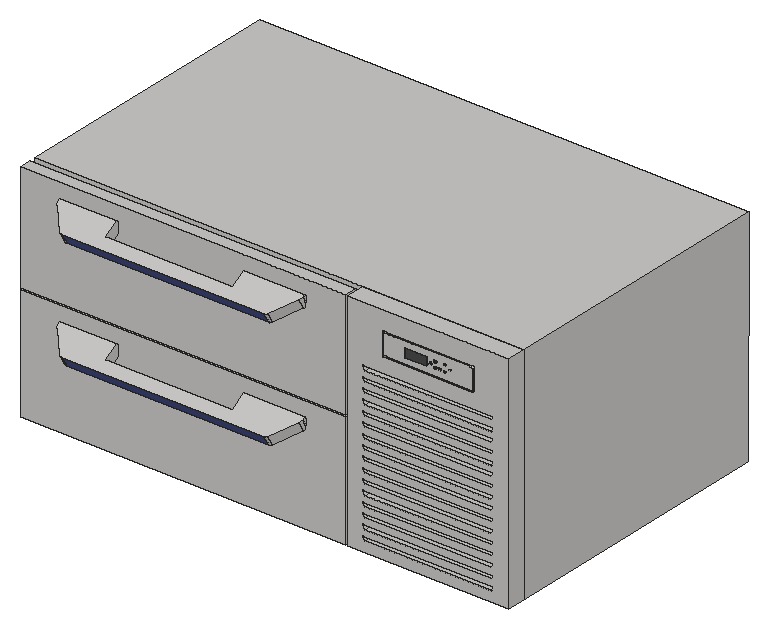
Revit family "QF_ELECTROLUXPROFESSIONAL_588484_MA6IDAKOBO", category Attrezzature speciali, Revit 2020
Family settings
  Quota connettore circolare = Usa diametro
  Tipo di parte = Normale
  Basato su piano di lavoro = No
  Sempre verticale = Sì
  Taglio con vuoti quando caricato = No
  Condiviso = No
  Punto di calcolo locali = No
Parameters (values of type "Standard")
  Weight = 145.00 kg
  Watts = 550 W
  Volts = 220 V
  URL Manufacturer = "https://www.electroluxprofessional.com/"
  URL = "https://www.electroluxprofessional.com/"
  Steam Supply Size = 0"
  Steam Supply Minimum Pressure = 0.00 psi
  Steam Supply Maximum Pressure = 0.00 psi
  Steam Consumption per Hour = 0
  Refrigeration Suction Line Size = 0 mm
  Refrigeration Liquid Line Size = 0 mm
  Refrigerant Compressor Remote = yes
  Prospetto di default = 0 mm
  Phase = 1
  Modello = "MA6IDAKOBO"
  Produttore = "Electrolux Professional"
  Length Actual = 1200 mm  # constant formula
  Item Number = "588484"
  Hot Water Size = 0"
  Height Actual = 550 mm  # constant formula
  HP = "0.7 HP"
  Gas Size = 0"
  Gas KW = 0
  Gas Input Pressure = 0.0 Btu/h
  Direct Waste Size = 0"
  Descrizione = "REF-FREEZER BASE,2DRAWERS,GN2/1,1S,1200X800X550H - R290"
  Depth Actual = 800 mm  # constant formula
  Cycle = 50 Hz
  Condensate Return Size = 0"
  Compressed Air Volume = 0 GPM
  Compressed Air Size = 0"
  Compressed Air Pressure = 0.00 psi
  Cold Water Size = 0"
  Accessory = yes
Reference planes
  plane 1 "BACK": y = 0
  plane 2: z = 0
  plane 3 "LEFT": x = -100
  plane 4 "RIGHT": x = 1100
  plane 5 "FRONT": y = -800
  plane 6 "TOP": z = 900
  plane 7 "Center (Left/Right)": x = 500
  plane 8: y = -400
  plane 9: z = 100
  plane 10: y = -150
  plane 11 "Panel": y = -735
  plane 12: z = 798
  plane 13: x = -22
  plane 14: x = 1022
  plane 15: y = -150
  plane 16: y = -650
  plane 17 "EIx": x = 970
  plane 18 "EIy": y = -85
  plane 19: z = 650
  plane 20 "GasX": x = 870
  plane 21 "EI2x": x = 800
  plane 22: y = -45
  plane 23: y = -780
Forms (mm)
  Extrusion 1, solid, material "QF_Finishes_Stainless Steel"
    sketch origin (-488.969, -4662, 100) x (-1, 0, 0) y (0, -1, 0)
      loop
        circle (-1458.969, -4577) r 6.35
    from 0 to -11.851
  Extrusion 2, solid, material "QF_Finishes_Stainless Steel"
    sketch origin (-178.969, -4572, 100) x (-1, 0, 0) y (0, -1, 0)
      loop
        line (-78.969, -4527) -> (-78.969, -3837) -> (-1278.969, -3837) -> (-1278.969, -4527) -> (-78.969, -4527)
    from 550 to 0
  Extrusion 3, solid, material "QF_Finishes_Stainless Steel"
    sketch origin (-658.969, -4662, 100) x (-1, 0, 0) y (0, -1, 0)
      loop
        circle (-1458.969, -4577) r 6.35
    from 0 to -11.851
  Extrusion 4, solid, material "QF_Finishes_Stainless Steel"
    sketch origin (-588.969, -4662, 100) x (-1, 0, 0) y (0, -1, 0)
      loop
        circle (-1458.969, -4577) r 6.35
    from 0 to -11.851
Lines and regions (mm)
  symbolic lines, style "SpecialityEquipmentHiddenLines"
    curve 1: line (-100, -45, 100) -> (1100, -45, 100)
  symbolic lines
    curve 2: line (-100, -800, 100) -> (-100, -45, 100)
    curve 3: line (1100, -800, 100) -> (-100, -800, 100)
    curve 4: line (1100, -45, 100) -> (1100, -800, 100)
Dimensions and locks
  plane 3 "LEFT" to plane 4 "RIGHT" = 1200 mm
  locked: plane 5 "FRONT" to plane 1 "BACK" at 800
  equal spacing: plane 3 "LEFT", plane 7 "Center (Left/Right)", plane 4 "RIGHT"
  equal spacing: plane 5 "FRONT", plane 8, plane 1 "BACK"
  plane 6 "TOP" to level = 900 mm  (x2)
  plane 9 to level = 100 mm
  plane 1 "BACK" to plane 10 to plane 11 "Panel" = 150 mm, 585 mm  (x2)
  plane 6 "TOP" to plane 9 to level = 800 mm, 100 mm
  plane 1 "BACK" to Extrusion 1 = 85 mm
  plane 13 to plane 3 "LEFT" = 78 mm
  plane 14 to plane 4 "RIGHT" = 78 mm
  locked: plane 1 "BACK" to plane 15 at 150
  locked: plane 15 to plane 16 at 500
  plane 11 "Panel" to plane 5 "FRONT" = 65 mm
  locked: plane 18 "EIy" to plane 1 "BACK" at 85
  plane 19 to plane 9 = 550 mm
  locked: plane 20 "GasX" to plane 4 "RIGHT" at 230
  locked: plane 17 "EIx" to plane 4 "RIGHT" at 130
  locked: plane 21 "EI2x" to plane 4 "RIGHT" at 300
  plane 1 "BACK" to plane 5 "FRONT" = 800 mm
  locked: plane 1 "BACK" to plane 22 at 45
  plane 5 "FRONT" to plane 23 = 20 mm
  plane 11 "Panel" to plane 23 = 45 mm
  aligned and locked: level to plane 2
  aligned and locked: nested 1 to plane 4 "RIGHT"
  aligned and locked: plane 3 "LEFT" to nested 2
  aligned and locked: plane 19 to nested 1
  aligned and locked: plane 22 to Extrusion 2
  aligned and locked: plane 11 "Panel" to nested 1
  aligned and locked: Extrusion 2 to plane 11 "Panel"  (x2)
  aligned and locked: plane 11 "Panel" to nested 2
Automatic sketch dimensions
  plane 1 "BACK" to curve 1 = 45 mm
  curve 1 to plane 4 "RIGHT" = 0 mm
  curve 3 to plane 3 "LEFT" = 0 mm
  plane 5 "FRONT" to curve 3 = 0 mm
  Extrusion 1 sketch curve to plane 17 "EIx" = 0 mm
  Extrusion 1 sketch curve to plane 18 "EIy" = 0 mm
  Extrusion 2 sketch curve to plane 4 "RIGHT" = 0 mm
  Extrusion 2 sketch curve to plane 3 "LEFT" = 0 mm
  Extrusion 2 sketch curve to plane 11 "Panel" = 0 mm
  plane 18 "EIy" to Extrusion 2 sketch curve = 40 mm
  Extrusion 3 sketch curve to plane 18 "EIy" = 0 mm
  Extrusion 3 sketch curve to plane 21 "EI2x" = 0 mm
  Extrusion 4 sketch curve to plane 18 "EIy" = 0 mm
  Extrusion 4 sketch curve to plane 20 "GasX" = 0 mm
  radius of Extrusion 1 sketch curve = 6.35 mm
  radius of Extrusion 3 sketch curve = 6.35 mm
  radius of Extrusion 4 sketch curve = 6.35 mm
Nested families
  nested 1: "QF_ELECTROLUXPROFESSIONAL_REF-FREEZER-UNIT" at (836.133, -735, 394.336) x (1, 0, 0) z (0, -1, 0), type "QF_ELECTROLUXPROFESSIONAL_REF-FREEZER-UNIT"
    with Show Logo yes
  nested 2: "Drawer_W800_Ref_Freezer" at (305, -735, 0), type "Drawer_W800_Ref_Freezer"
Connectors
  electrical at (970, -85, 88.149)
    settings: on Extrusion 1, index 1, voltage 400 V, apparent load 33000 VA, apparent load phase1 0 VA, apparent load phase2 0 VA, apparent load phase3 0 VA, power factor 1, load classification "Other", number of poles 1, system type 30, power factor state 1, is connector primary yes, connector utility no, sub classification motor no, connector description "ELECTRICAL CONNECTION"
  piping at (870, -85, 88.149), diameter 12.7
    settings: on Extrusion 4, index 2, connector inside diameter 24", connector length 0 mm, flow factor 0, pipe flow 0 GPM, pressure drop 0.00 psi, fitting loss kfactor 0, connector angle 0.00°, fixture units 0, engagement length 0 mm, angle of deflection 0.00°, flow configuration 1, flow direction 1, fitting loss method 0, system type 7, joint type 0, gender type 0, connector reference index -1, connector utility 0, adjustable connector no, is connector primary yes, connector description "Gas connection"
  electrical at (800, -85, 88.149)
    settings: on Extrusion 3, index 3, voltage 0 V, apparent load 0 VA, apparent load phase1 0 VA, apparent load phase2 0 VA, apparent load phase3 0 VA, power factor 1, load classification "Other", number of poles 1, system type 30, power factor state 1, is connector primary no, connector utility no, sub classification motor no, connector description "Electrical connection"
Definition of nested family "QF_ELECTROLUXPROFESSIONAL_REF-FREEZER-UNIT"
  Parameters
    Width = 395 mm
    Show Logo [instance] = yes
    Height = 550 mm
    Depth = 45 mm
    Default Elevation = 100 mm
  Reference planes
    plane 1 "Centro (Fronte/Retro)": y = -19.336
    plane 2: z = 0
    plane 3 "Centro (Sinistra/Destra)": x = 66.367
    plane 4 "Back": y = -294.336
    plane 5 "Top": y = 255.664
    plane 6 "Left": x = -131.133
    plane 7 "Right": x = 263.867
    plane 8 "Panel": z = 45
  Forms (mm)
    Extrusion 1, solid
      sketch origin (0, 0, 0) x (1, 0, 0) y (0, 1, 0)
        loop
          line (-1219.2, 1219.2) -> (-1219.2, -1219.2) -> (1219.2, -1219.2) -> (1219.2, 1219.2) -> (-1219.2, 1219.2)
      from 0 to -304.8
    Extrusion 2, solid
      sketch origin (66.367, 0, 0) x (0, 1, 0) y (0, 0, 1)
        loop
          line (-294.336, 45) -> (-294.336, 0) -> (255.664, 0) -> (255.664, 45) -> (-294.336, 45)
      from -197.5 to 197.5
    Sweep 3, solid
      path origin (0, 0, 0) x (1, 0, 0) y (0, 1, 0)
        loop
          line (175.167, 207.994) -> (-42.833, 207.994)
          arc (-42.833, 207.994) -> (-44.954, 207.115) -> (-45.833, 204.994) r 3
          line (-45.833, 204.994) -> (-45.833, 154.894)
          arc (-45.833, 154.894) -> (-44.954, 152.772) -> (-42.833, 151.894) r 3
          line (-42.833, 151.894) -> (175.167, 151.894)
          arc (175.167, 151.894) -> (177.289, 152.772) -> (178.167, 154.894) r 3
          line (178.167, 154.894) -> (178.167, 204.994)
          arc (178.167, 204.994) -> (177.289, 207.115) -> (175.167, 207.994) r 3
      profile origin (66.167, 207.994, 0) x (0, -1, 0) y (0, 0, 1)
        loop
          line (0, 45.003) -> (2, 45.003) -> (2, 47.003)
          arc (2, 47.003) -> (0.586, 46.417) -> (0, 45.003) r 2
    Extrusion 4, solid
      sketch origin (0, 0, 45) x (-1, 0, 0) y (0, -1, 0)
        loop
          arc (42.333, -206.244) -> (43.575, -205.726) -> (44.083, -204.479) r 1.75
          line (44.083, -204.479) -> (44.083, -155.379)
          arc (44.083, -155.379) -> (43.57, -154.156) -> (42.346, -153.644) r 1.75
          line (42.346, -153.644) -> (-174.654, -153.644)
          arc (-174.654, -153.644) -> (-175.9, -154.152) -> (-176.417, -155.394) r 1.75
          line (-176.417, -155.394) -> (-176.417, -204.494)
          arc (-176.417, -204.494) -> (-175.905, -205.731) -> (-174.667, -206.244) r 1.75
          line (-174.667, -206.244) -> (42.333, -206.244)
        loop
          arc (-9.317, -170.644) -> (-9.611, -169.937) -> (-10.317, -169.644) r 1.002
          line (-10.317, -169.644) -> (-63.917, -169.644)
          arc (-63.917, -169.644) -> (-64.621, -169.935) -> (-64.917, -170.637) r 1.002
          line (-64.917, -170.637) -> (-64.917, -189.751)
          arc (-64.917, -189.751) -> (-64.621, -190.453) -> (-63.917, -190.744) r 1.002
          line (-63.917, -190.744) -> (-10.317, -190.744)
          arc (-10.317, -190.744) -> (-9.611, -190.45) -> (-9.317, -189.744) r 1.002
          line (-9.317, -189.744) -> (-9.317, -170.644)
        loop
          line (-72.717, -183.367) -> (-69.06, -177.032) -> (-76.375, -177.032) -> (-72.717, -183.367)
        loop
          circle (-84.616, -187.247) r 3.169
        loop
          circle (-84.616, -173.141) r 3.169
        loop
          line (-93.382, -170.679) -> (-99.425, -170.679) -> (-99.425, -175.679) -> (-93.382, -175.679) -> (-93.382, -170.679)
        loop
          line (-106.292, -171.416) -> (-108.401, -170.022) -> (-110.543, -171.427) -> (-110.543, -173.081) -> (-108.414, -171.678) -> (-106.292, -173.081) -> (-106.292, -171.416)
        loop
          line (-106.172, -187.306) -> (-108.366, -188.753) -> (-110.527, -187.306) -> (-110.527, -189.011) -> (-108.366, -190.44) -> (-106.172, -189) -> (-106.172, -187.306)
        loop
          line (-117.509, -181.558) -> (-117.509, -179.018) -> (-122.899, -179.018) -> (-122.899, -181.558) -> (-117.509, -181.558)
      from 0 to 2.003
    Extrusion 5, solid
      sketch origin (0, 0, 45) x (-1, 0, 0) y (0, -1, 0)
        loop
          arc (-64.917, -189.751) -> (-64.621, -190.453) -> (-63.915, -190.744) r 1.002
          line (-63.915, -190.744) -> (-10.319, -190.744)
          arc (-10.319, -190.744) -> (-9.611, -190.45) -> (-9.317, -189.742) r 1.002
          line (-9.317, -189.742) -> (-9.317, -170.646)
          arc (-9.317, -170.646) -> (-9.611, -169.937) -> (-10.319, -169.644) r 1.002
          line (-10.319, -169.644) -> (-63.917, -169.644)
          arc (-63.917, -169.644) -> (-64.621, -169.935) -> (-64.917, -170.637) r 1.002
          line (-64.917, -170.637) -> (-64.917, -189.751)
      from 0 to 2.003
    Extrusion 6, solid
      sketch origin (0, 0, 45) x (-1, 0, 0) y (0, -1, 0)
        loop
          line (-69.06, -177.032) -> (-76.375, -177.032) -> (-72.717, -183.367) -> (-69.06, -177.032)
        loop
          circle (-84.616, -187.247) r 3.169
        loop
          circle (-84.616, -173.141) r 3.169
        loop
          line (-99.425, -170.679) -> (-99.425, -175.679) -> (-93.382, -175.679) -> (-93.382, -170.679) -> (-99.425, -170.679)
        loop
          line (-108.401, -170.022) -> (-110.543, -171.427) -> (-110.543, -173.081) -> (-108.414, -171.678) -> (-106.292, -173.081) -> (-106.292, -171.416) -> (-108.401, -170.022)
        loop
          line (-122.899, -179.018) -> (-122.899, -181.558) -> (-117.509, -181.558) -> (-117.509, -179.018) -> (-122.899, -179.018)
        loop
          line (-108.366, -188.753) -> (-110.527, -187.306) -> (-110.527, -189.011) -> (-108.366, -190.44) -> (-106.172, -189) -> (-106.172, -187.306) -> (-108.366, -188.753)
      from 0 to 2
    Extrusion 7, void
      sketch origin (0, 0, 45) x (-1, 0, 0) y (0, -1, 0)
        loop
          line (93.805, -115.164) -> (88.954, -105.485) -> (-221.688, -105.485) -> (-226.538, -115.164) -> (93.805, -115.164)
        loop
          line (93.805, -90.163) -> (88.954, -80.484) -> (-221.688, -80.484) -> (-226.538, -90.163) -> (93.805, -90.163)
        loop
          line (93.805, -65.163) -> (88.954, -55.485) -> (-221.688, -55.485) -> (-226.538, -65.163) -> (93.805, -65.163)
        loop
          line (93.805, -40.164) -> (88.954, -30.485) -> (-221.688, -30.485) -> (-226.538, -40.164) -> (93.805, -40.164)
        loop
          line (93.805, -15.163) -> (88.954, -5.484) -> (-221.688, -5.484) -> (-226.538, -15.163) -> (93.805, -15.163)
        loop
          line (93.805, 9.837) -> (88.954, 19.516) -> (-221.688, 19.516) -> (-226.538, 9.837) -> (93.805, 9.837)
        loop
          line (93.805, 34.836) -> (88.954, 44.515) -> (-221.688, 44.515) -> (-226.538, 34.836) -> (93.805, 34.836)
        loop
          line (93.805, 59.837) -> (88.954, 69.516) -> (-221.688, 69.516) -> (-226.538, 59.837) -> (93.805, 59.837)
        loop
          line (93.805, 84.837) -> (88.954, 94.515) -> (-221.688, 94.515) -> (-226.538, 84.837) -> (93.805, 84.837)
        loop
          line (93.805, 109.836) -> (88.954, 119.515) -> (-221.688, 119.515) -> (-226.538, 109.836) -> (93.805, 109.836)
        loop
          line (93.805, 134.837) -> (88.954, 144.516) -> (-221.688, 144.516) -> (-226.538, 134.837) -> (93.805, 134.837)
        loop
          line (93.805, 159.837) -> (88.954, 169.515) -> (-221.688, 169.515) -> (-226.538, 159.837) -> (93.805, 159.837)
        loop
          line (93.805, 184.837) -> (88.954, 194.515) -> (-221.688, 194.515) -> (-226.538, 184.837) -> (93.805, 184.837)
        loop
          line (93.805, 209.837) -> (88.954, 219.516) -> (-221.688, 219.516) -> (-226.538, 209.837) -> (93.805, 209.837)
        loop
          line (93.805, 234.837) -> (88.954, 244.515) -> (-221.688, 244.515) -> (-226.538, 234.837) -> (93.805, 234.837)
        loop
          line (93.805, 259.836) -> (88.954, 269.515) -> (-221.688, 269.515) -> (-226.538, 259.836) -> (93.805, 259.836)
      from 11.086 to -14.08
  Cuts and joins
    Extrusion 7 cuts Extrusion 2
  Lines and regions (mm)
    symbolic lines
      curve 1: line (-131.133, -294.336, 0) -> (-131.133, -294.336, 45)
  Dimensions and locks
    "Height": plane 5 "Top" to plane 4 "Back"
    equal spacing: plane 5 "Top", plane 1 "Centro (Fronte/Retro)", plane 4 "Back"
    "Width": plane 6 "Left" to plane 7 "Right"
    equal spacing: plane 6 "Left", plane 3 "Centro (Sinistra/Destra)", plane 7 "Right"
    plane 8 "Panel" to level = 45 mm
    aligned and locked: plane 2 to Extrusion 1
    aligned and locked: level to Extrusion 1
    aligned and locked: plane 5 "Top" to Extrusion 2 sketch curve
    aligned and locked: Extrusion 2 sketch curve to plane 4 "Back"
    aligned and locked: Extrusion 2 sketch curve to plane 8 "Panel"
    aligned and locked: Extrusion 2 sketch curve to Extrusion 1
  Automatic sketch dimensions
    Extrusion 1 sketch curve to Extrusion 1 sketch curve = 2438.4 mm  (x2)
    plane 6 "Left" to Sweep 3 sketch curve = 88.301 mm
    Sweep 3 sketch curve to plane 5 "Top" = 50.67 mm
    Sweep 3 sketch curve to Sweep 3 sketch curve = 3 mm  (x4)
    Sweep 3 sketch curve to plane 7 "Right" = 88.699 mm
    Sweep 3 sketch curve to Sweep 3 sketch curve = 50.1 mm
    Sweep 3 sketch curve to Sweep 3 sketch curve = 0 mm  (x2)
    Sweep 3 sketch curve to profile plane = 2 mm
    level to Sweep 3 sketch curve = 45.003 mm
    Sweep 3 sketch curve to profile plane = 0 mm
    Extrusion 5 sketch curve to plane 3 "Centro (Sinistra/Destra)" = 1.449 mm
    Extrusion 5 sketch curve to Extrusion 5 sketch curve = 1.002 mm  (x4)
    Extrusion 5 sketch curve to Extrusion 5 sketch curve = 0 mm  (x9)
    Extrusion 5 sketch curve to Extrusion 5 sketch curve = 53.596 mm
    Extrusion 5 sketch curve to plane 5 "Top" = 64.92 mm
    Extrusion 5 sketch curve to Extrusion 5 sketch curve = 0.993 mm
    Extrusion 5 sketch curve to Extrusion 5 sketch curve = 0.009 mm  (x2)
    Extrusion 5 sketch curve to Extrusion 5 sketch curve = 19.096 mm  (x2)
    Extrusion 5 sketch curve to Extrusion 5 sketch curve = 0.03 mm
    Extrusion 5 sketch curve to Extrusion 5 sketch curve = 0.028 mm
    Extrusion 4 sketch curve to plane 7 "Right" = 89.199 mm
    Extrusion 4 sketch curve to Extrusion 4 sketch curve = 0 mm  (x24)
    Extrusion 4 sketch curve to Extrusion 4 sketch curve = 0.013 mm  (x3)
    plane 3 "Centro (Sinistra/Destra)" to Extrusion 4 sketch curve = 56.533 mm
    Extrusion 4 sketch curve to Extrusion 4 sketch curve = 5.391 mm
    Extrusion 4 sketch curve to Extrusion 4 sketch curve = 6.966 mm
    Extrusion 4 sketch curve to Extrusion 4 sketch curve = 6.982 mm
    Extrusion 4 sketch curve to Extrusion 4 sketch curve = 2.129 mm
    Extrusion 4 sketch curve to Extrusion 4 sketch curve = 2.16 mm
    Extrusion 4 sketch curve to Extrusion 4 sketch curve = 2.122 mm
    Extrusion 4 sketch curve to Extrusion 4 sketch curve = 2.194 mm
    Extrusion 4 sketch curve to Extrusion 4 sketch curve = 6.867 mm
    Extrusion 4 sketch curve to Extrusion 4 sketch curve = 6.043 mm
    Extrusion 4 sketch curve to Extrusion 4 sketch curve = 8.767 mm  (x2)
    Extrusion 4 sketch curve to Extrusion 4 sketch curve = 8.241 mm
    plane 3 "Centro (Sinistra/Destra)" to Extrusion 4 sketch curve = 6.351 mm
    plane 3 "Centro (Sinistra/Destra)" to Extrusion 4 sketch curve = 2.693 mm
    Extrusion 4 sketch curve to plane 3 "Centro (Sinistra/Destra)" = 1.449 mm
    Extrusion 4 sketch curve to Extrusion 4 sketch curve = 1.002 mm  (x4)
    Extrusion 4 sketch curve to Extrusion 4 sketch curve = 53.596 mm
    Extrusion 4 sketch curve to Extrusion 4 sketch curve = 52.652 mm
    Extrusion 4 sketch curve to Extrusion 4 sketch curve = 1.75 mm  (x2)
    Extrusion 4 sketch curve to plane 5 "Top" = 51.17 mm  (x2)
    Extrusion 4 sketch curve to Extrusion 4 sketch curve = 0.015 mm  (x2)
    Extrusion 4 sketch curve to plane 5 "Top" = 65.223 mm
    Extrusion 4 sketch curve to Extrusion 4 sketch curve = 0.69 mm
    Extrusion 4 sketch curve to Extrusion 4 sketch curve = 0.009 mm  (x2)
    Extrusion 4 sketch curve to Extrusion 4 sketch curve = 1.429 mm
    Extrusion 4 sketch curve to Extrusion 4 sketch curve = 1.44 mm
    Extrusion 4 sketch curve to Extrusion 4 sketch curve = 1.687 mm
    Extrusion 4 sketch curve to Extrusion 4 sketch curve = 1.694 mm
    Extrusion 4 sketch curve to Extrusion 4 sketch curve = 1.706 mm
    Extrusion 4 sketch curve to Extrusion 4 sketch curve = 2.504 mm
    Extrusion 4 sketch curve to Extrusion 4 sketch curve = 6.383 mm
    Extrusion 4 sketch curve to Extrusion 4 sketch curve = 5.748 mm
    Extrusion 4 sketch curve to Extrusion 4 sketch curve = 2.539 mm
    Extrusion 4 sketch curve to Extrusion 4 sketch curve = 6.335 mm
    Extrusion 4 sketch curve to Extrusion 4 sketch curve = 11.568 mm
    Extrusion 4 sketch curve to Extrusion 4 sketch curve = 3.891 mm
    Extrusion 4 sketch curve to Extrusion 4 sketch curve = 5.937 mm
    Extrusion 4 sketch curve to Extrusion 4 sketch curve = 1.404 mm
    Extrusion 4 sketch curve to Extrusion 4 sketch curve = 1.654 mm
    Extrusion 4 sketch curve to Extrusion 4 sketch curve = 1.665 mm
    Extrusion 4 sketch curve to Extrusion 4 sketch curve = 5 mm
    Extrusion 4 sketch curve to Extrusion 4 sketch curve = 6.386 mm
    Extrusion 4 sketch curve to Extrusion 4 sketch curve = 19.096 mm
    Extrusion 4 sketch curve to Extrusion 4 sketch curve = 1.656 mm
    Extrusion 4 sketch curve to Extrusion 4 sketch curve = 49.1 mm  (x2)
    Extrusion 4 sketch curve to Extrusion 4 sketch curve = 0.002 mm  (x5)
    plane 3 "Centro (Sinistra/Destra)" to Extrusion 6 sketch curve = 56.533 mm
    Extrusion 6 sketch curve to Extrusion 6 sketch curve = 5.391 mm
    Extrusion 6 sketch curve to Extrusion 6 sketch curve = 6.966 mm
    Extrusion 6 sketch curve to Extrusion 6 sketch curve = 6.982 mm
    Extrusion 6 sketch curve to Extrusion 6 sketch curve = 2.129 mm
    Extrusion 6 sketch curve to Extrusion 6 sketch curve = 0.013 mm
    Extrusion 6 sketch curve to Extrusion 6 sketch curve = 2.16 mm
    Extrusion 6 sketch curve to Extrusion 6 sketch curve = 0 mm  (x2)
    Extrusion 6 sketch curve to Extrusion 6 sketch curve = 2.122 mm
    Extrusion 6 sketch curve to Extrusion 6 sketch curve = 2.194 mm
    Extrusion 6 sketch curve to Extrusion 6 sketch curve = 6.867 mm
    Extrusion 6 sketch curve to Extrusion 6 sketch curve = 6.043 mm
    Extrusion 6 sketch curve to Extrusion 6 sketch curve = 8.767 mm  (x2)
    Extrusion 6 sketch curve to Extrusion 6 sketch curve = 8.241 mm
    plane 3 "Centro (Sinistra/Destra)" to Extrusion 6 sketch curve = 6.351 mm
    plane 3 "Centro (Sinistra/Destra)" to Extrusion 6 sketch curve = 2.693 mm
    Extrusion 6 sketch curve to plane 5 "Top" = 65.223 mm
    Extrusion 6 sketch curve to Extrusion 6 sketch curve = 1.429 mm
    Extrusion 6 sketch curve to Extrusion 6 sketch curve = 1.44 mm
    Extrusion 6 sketch curve to Extrusion 6 sketch curve = 1.687 mm
    Extrusion 6 sketch curve to Extrusion 6 sketch curve = 1.706 mm
    Extrusion 6 sketch curve to Extrusion 6 sketch curve = 1.694 mm
    Extrusion 6 sketch curve to Extrusion 6 sketch curve = 0.059 mm
    Extrusion 6 sketch curve to Extrusion 6 sketch curve = 3.88 mm
    Extrusion 6 sketch curve to Extrusion 6 sketch curve = 5.748 mm
    Extrusion 6 sketch curve to Extrusion 6 sketch curve = 2.539 mm
    Extrusion 6 sketch curve to Extrusion 6 sketch curve = 6.335 mm
    Extrusion 6 sketch curve to Extrusion 6 sketch curve = 11.568 mm
    Extrusion 6 sketch curve to Extrusion 6 sketch curve = 3.891 mm
    Extrusion 6 sketch curve to Extrusion 6 sketch curve = 5.937 mm
    Extrusion 6 sketch curve to Extrusion 6 sketch curve = 1.404 mm
    Extrusion 6 sketch curve to Extrusion 6 sketch curve = 1.654 mm
    Extrusion 6 sketch curve to Extrusion 6 sketch curve = 1.665 mm
    Extrusion 6 sketch curve to Extrusion 6 sketch curve = 5 mm
    Extrusion 6 sketch curve to Extrusion 6 sketch curve = 1.656 mm
    Extrusion 7 sketch curve to plane 7 "Right" = 37.328 mm  (x2)
    Extrusion 7 sketch curve to Extrusion 7 sketch curve = 0 mm  (x25)
    plane 1 "Centro (Fronte/Retro)" to Extrusion 7 sketch curve = 15.5 mm
    Extrusion 7 sketch curve to plane 1 "Centro (Fronte/Retro)" = 9.5 mm
    Extrusion 7 sketch curve to Extrusion 7 sketch curve = 4.851 mm  (x32)
    plane 1 "Centro (Fronte/Retro)" to Extrusion 7 sketch curve = 0.179 mm
    plane 6 "Left" to Extrusion 7 sketch curve = 42.179 mm  (x5)
    Extrusion 7 sketch curve to Extrusion 7 sketch curve = 15.321 mm  (x14)
    Extrusion 7 sketch curve to Extrusion 7 sketch curve = 9.679 mm  (x15)
    curve 1 to plane 6 "Left" = 0 mm
    curve 1 to level = 0 mm
    curve 1 to plane 8 "Panel" = 0 mm
    radius of Extrusion 4 sketch curve = 3.169 mm  (x2)
    radius of Extrusion 6 sketch curve = 3.169 mm  (x2)
Definition of nested family "Drawer_W800_Ref_Freezer"
  Parameters
    Width = 800 mm
    Default Elevation = 0 mm
    Foro = 310 mm
    BordoCassetto = 60 mm
    BordoBattuta = 36 mm
  Reference planes
    plane 1 "Ref. Level": z = 0
    plane 2 "Center (Left/Right)": x = -5
    plane 3 "Left": x = -405
    plane 4 "Right": x = 395
    plane 5 "Top": z = 650
    plane 6 "Base": z = 100
    plane 7: z = 380
    plane 8 "BaseUp": z = 385
    plane 9 "ManopolaLow": through (-6096, -70.559, 332.255) normal (0, -0.515, 0.8572)
    plane 10 "ManopolaUp2": through (-6096, -614.412, 604.849) normal (0, -0.515, 0.8572)
    plane 11 "ManopolaLow2": through (-6096, -616.076, 332.255) normal (0, -0.515, 0.8572)
    plane 12: y = -640
    plane 13: y = -655
    plane 14 "ManopolaUp": through (-6096, -70.559, 602.255) normal (0, -0.515, 0.8572)
    plane 15: y = -15
    plane 16: y = -60
    plane 17: y = 840
    plane 18: x = -285
    plane 19: x = 275
    plane 20: x = -369
    plane 21: x = 359
    plane 22: x = -160
    plane 23: x = 150
  Forms (mm)
    Extrusion 1, solid
      sketch origin (-5, 84, 0) x (0, 1, 0) y (0, 0, 1)
        loop
          line (-129.03, 650) -> (-129.03, 385) -> (-99, 385) -> (-99, 650) -> (-129.03, 650)
      from -400 to 400
    Extrusion 2, solid
      sketch origin (-5, 84, -270) x (0, 1, 0) y (0, 0, 1)
        loop
          line (-129.03, 650) -> (-129.03, 370) -> (-99, 370) -> (-99, 650) -> (-129.03, 650)
      from -400 to 400
    Extrusion 3, solid, detail levels coarse
      sketch origin (-5, -464.17, -270) x (0, 1, 0) y (0, 0, 1)
        loop
          line (-129.03, 650) -> (-129.03, 370) -> (-101.83, 370) -> (-101.83, 650) -> (-129.03, 650)
      from -400 to 400
    Extrusion 4, solid, detail levels coarse
      sketch origin (-5, -464.17, 15) x (0, 1, 0) y (0, 0, 1)
        loop
          line (-129.03, 635) -> (-129.03, 370) -> (-101.83, 370) -> (-101.83, 635) -> (-129.03, 635)
      from -400 to 400
    Extrusion 5, solid, detail levels coarse
      sketch origin (0, 0, 100) x (-1, 0, 0) y (0, -1, 0)
        loop
          line (-359, 566) -> (-359, 553) -> (-328, 553) -> (-328, 60) -> (338, 60) -> (338, 553) -> (369, 553) -> (369, 566) -> (-359, 566)
      from 246 to 22
    Extrusion 6, solid, detail levels coarse
      sketch origin (0, 0, 385) x (0, 1, 0) y (-1, 0, 0)
        loop
          line (-566, -359) -> (-553, -359) -> (-553, -275) -> (-60, -275) -> (-60, 285) -> (-553, 285) -> (-553, 369) -> (-566, 369) -> (-566, -359)
      from 22 to 230
    Extrusion 7, solid
      sketch origin (0, 104.5, 100) x (-1, 0, 0) y (0, -1, 0)
        loop
          line (285, 119.5) -> (-275, 119.5) -> (-275, 104) -> (285, 104) -> (285, 119.5)
      from 22 to 246
    Extrusion 8, solid
      sketch origin (0, 104.5, 385) x (0, 1, 0) y (-1, 0, 0)
        loop
          line (-119.5, 285) -> (-119.5, -275) -> (-104.5, -275) -> (-104.5, 285) -> (-119.5, 285)
      from 22 to 230
  Lines and regions (mm)
    symbolic lines
      curve 1: line (-405, -149.043, 0) -> (-405, -514.03, 0)
      curve 2: line (395, -514.03, 0) -> (395, -149.03, 0)
      curve 3: line (-405, -655, 0) -> (-405, -689.743, 0)
      curve 4: line (275, -106.83, 0) -> (275, -553, 0)
      curve 5: line (395, -689.743, 0) -> (395, -690, 0)
      curve 6: line (359, -553, 0) -> (275, -553, 0)
      curve 7: line (359, -566, 0) -> (359, -553, 0)
      curve 8: line (-316, -553, 0) -> (-316, -566, 0)
      curve 9: line (-285, -553, 0) -> (-316, -553, 0)
      curve 10: line (-285, -60, 0) -> (-285, -553, 0)
      curve 11: line (395, -566, 0) -> (-405, -566, 0)
      curve 12: line (-405, -566, 0) -> (-405, -605.1, 0)
      curve 13: line (395, -566, 0) -> (395, -605.1, 0)
      curve 14: line (-405, -593.2, 0) -> (395, -593.2, 0)
  Dimensions and locks
    plane 6 "Base" to plane 5 "Top" = 550 mm
    plane 6 "Base" to level = 100 mm
    plane 6 "Base" to plane 7 = 280 mm
    plane 5 "Top" to plane 8 "BaseUp" = 265 mm
    plane 8 "BaseUp" to plane 7 = 5 mm
    "Width": plane 4 "Right" to plane 3 "Left"
    equal spacing: plane 4 "Right", plane 2 "Center (Left/Right)", plane 3 "Left"
    plane 17 to plane 13 = 1495 mm
    plane 17 to plane 15 = 855 mm
    plane 15 to plane 16 = 45 mm
    locked: plane 18 to plane 3 "Left" at 120
    locked: plane 19 to plane 4 "Right" at 120
    "Foro": plane 22 to plane 23
    plane 22 to nested 4 to plane 23 = 155 mm, 155 mm
    "BordoBattuta": plane 21 to plane 4 "Right"
    "BordoBattuta": plane 20 to plane 3 "Left"
    aligned and locked: Extrusion 6 to plane 18
    aligned and locked: Extrusion 4 to plane 3 "Left"
    aligned and locked: Extrusion 1 to plane 3 "Left"
    aligned and locked: Extrusion 4 to plane 4 "Right"
    aligned and locked: Extrusion 1 to plane 4 "Right"
    aligned and locked: Extrusion 3 to plane 4 "Right"
    aligned and locked: Extrusion 3 to plane 3 "Left"
    aligned and locked: Extrusion 2 to plane 3 "Left"
    aligned and locked: Extrusion 2 to plane 4 "Right"
    aligned and locked: Extrusion 6 to plane 20
    aligned and locked: Extrusion 5 to plane 20
    aligned and locked: Extrusion 6 to plane 21
    aligned and locked: Extrusion 5 to plane 21
    aligned and locked: plane 19 to Extrusion 6
    aligned and locked: curve 7 to plane 21
    aligned and locked: curve 10 to Extrusion 6
    aligned and locked: curve 4 to Extrusion 6
    aligned and locked: plane 2 "Center (Left/Right)" to nested 3
    aligned and locked: nested 4 to nested 3
    aligned and locked: plane 2 "Center (Left/Right)" to nested 2
  Automatic sketch dimensions
    Extrusion 1 sketch curve to plane 8 "BaseUp" = 0 mm
    Extrusion 1 sketch curve to plane 5 "Top" = 0 mm
    Extrusion 1 sketch curve to plane 15 = 0 mm
    plane 16 to Extrusion 1 sketch curve = 14.97 mm
    plane 6 "Base" to Extrusion 2 sketch curve = 0 mm
    Extrusion 2 sketch curve to plane 7 = 0 mm
    Extrusion 2 sketch curve to plane 15 = 0 mm
    plane 16 to Extrusion 2 sketch curve = 14.97 mm
    plane 6 "Base" to Extrusion 3 sketch curve = 0 mm
    Extrusion 3 sketch curve to plane 7 = 0 mm
    Extrusion 3 sketch curve to plane 12 = 46.8 mm
    Extrusion 3 sketch curve to Extrusion 3 sketch curve = 27.2 mm
    Extrusion 4 sketch curve to plane 8 "BaseUp" = 0 mm
    Extrusion 4 sketch curve to plane 5 "Top" = 0 mm
    Extrusion 4 sketch curve to plane 12 = 46.8 mm
    Extrusion 4 sketch curve to Extrusion 4 sketch curve = 27.2 mm
    Extrusion 5 sketch curve to plane 16 = 0 mm
    plane 4 "Right" to Extrusion 5 sketch curve = 36 mm
    Extrusion 5 sketch curve to Extrusion 5 sketch curve = 31 mm  (x2)
    plane 3 "Left" to Extrusion 5 sketch curve = 67 mm
    Extrusion 5 sketch curve to plane 12 = 87 mm  (x2)
    Extrusion 5 sketch curve to Extrusion 5 sketch curve = 13 mm
    Extrusion 6 sketch curve to plane 16 = 0 mm
    Extrusion 6 sketch curve to plane 12 = 87 mm  (x2)
    Extrusion 6 sketch curve to Extrusion 6 sketch curve = 13 mm
    plane 4 "Right" to Extrusion 6 sketch curve = 36 mm
    Extrusion 6 sketch curve to Extrusion 6 sketch curve = 84 mm  (x2)
    plane 3 "Left" to Extrusion 6 sketch curve = 120 mm
    Extrusion 7 sketch curve to plane 15 = 0 mm
    plane 4 "Right" to Extrusion 7 sketch curve = 120 mm
    plane 3 "Left" to Extrusion 7 sketch curve = 120 mm
    Extrusion 7 sketch curve to Extrusion 7 sketch curve = 15.5 mm
    Extrusion 8 sketch curve to plane 15 = 0 mm
    Extrusion 8 sketch curve to Extrusion 8 sketch curve = 15 mm
    plane 4 "Right" to Extrusion 8 sketch curve = 120 mm
    plane 3 "Left" to Extrusion 8 sketch curve = 120 mm
    curve 1 to plane 3 "Left" = 0 mm
    curve 14 to plane 3 "Left" = 0 mm
    curve 3 to plane 3 "Left" = 0 mm
    curve 5 to plane 4 "Right" = 0 mm
    curve 2 to plane 4 "Right" = 0 mm
    curve 13 to plane 4 "Right" = 0 mm
    curve 3 to plane 13 = 0 mm
    curve 10 to plane 16 = 0 mm
    curve 9 to plane 18 = 31 mm
    curve 11 to plane 12 = 74 mm
    curve 7 to curve 7 = 13 mm
    curve 8 to curve 9 = 13 mm
    curve 3 to curve 3 = 34.743 mm
    curve 5 to plane 13 = 34.743 mm
    curve 5 to curve 5 = 0.257 mm
    curve 13 to plane 12 = 34.9 mm
    curve 12 to plane 12 = 34.9 mm
    curve 12 to curve 14 = 11.9 mm
    curve 11 to curve 1 = 51.97 mm
    curve 11 to curve 2 = 51.97 mm
    curve 1 to plane 16 = 89.043 mm
    curve 2 to plane 16 = 89.03 mm
    curve 4 to plane 16 = 46.83 mm
  Nested families
    nested 1: "Maniglia600" at (0, -20, -9.834), type "Maniglia600"
    nested 2: "Maniglia600" at (0, -20, -279.834), type "Maniglia600"
    nested 3: "Maniglia600_Clearence" at (0, -568.17, -9.834), type "Maniglia600_Clearence"
    nested 4: "Maniglia600_Clearence" at (0, -568.17, -281.429), type "Maniglia600_Clearence"
  Definition of nested family "Maniglia600"
    Parameters
      Width = 600 mm
      Default Elevation = 0 mm
    Reference planes
      plane 1 "Center (Front/Back)": y = 0
      plane 2 "Ref. Level": z = 0
      plane 3 "Center (Left/Right)": x = -5
      plane 4: x = -305
      plane 5: x = 295
      plane 6 "Manopola": through (-6096, -50.059, 612.389) normal (0, -0.515, 0.8572)
      plane 7 "Top": z = 650
      plane 8: z = 265
      plane 9: z = 200
    Forms (mm)
      Extrusion 1, solid
        sketch origin (0, -283.633, 472.044) x (0, 0.857167, 0.515038) y (-1, 0, 0)
          loop
            line (299.12, -295) -> (299.12, 305) -> (290.982, 305)
            arc (290.982, 305) -> (286.677, 304.026) -> (283.211, 301.293) r 10
            line (283.211, 301.293) -> (233.28, 260.86)
            arc (233.28, 260.86) -> (230.548, 257.394) -> (229.574, 253.089) r 10
            line (229.574, 253.089) -> (229.574, -243.089)
            arc (229.574, -243.089) -> (230.548, -247.394) -> (233.28, -250.86) r 10
            line (233.28, -250.86) -> (283.211, -291.293)
            arc (283.211, -291.293) -> (286.677, -294.026) -> (290.982, -295) r 10
            line (290.982, -295) -> (299.12, -295)
        from -27 to 0
      Extrusion 2, void
        sketch origin (-5, 0, 0) x (0, 1, 0) y (0, 0, 1)
          loop
            line (-61.514, 605.507) -> (-47.608, 582.363) -> (-25.03, 595.93) -> (-25.03, 627.429) -> (-61.514, 605.507)
        from -160 to 150
      Extrusion 3, void
        sketch origin (-5, 0, 0) x (0, 1, 0) y (0, 0, 1)
          loop
            line (-25.03, 595.93) -> (-13.331, 602.959) -> (-25.03, 622.429) -> (-25.03, 595.93)
        from -300 to 300
    Cuts and joins
      Extrusion 2, Extrusion 3 cuts Extrusion 1
    Lines and regions (mm)
      symbolic lines
        curve 1: line (-297.355, -45.043, 0) -> (-260.86, -83.673, 0)
        curve 2: line (-253.089, -86.85, 0) -> (243.089, -86.85, 0)
        curve 3: line (250.86, -83.673, 0) -> (287.355, -45.043, 0)
        curve 4: arc (-253.089, -86.85, 0) -> (-257.318, -86.101, 0) -> (-260.86, -83.673, 0) r 10.165
        curve 5: arc (243.089, -86.85, 0) -> (247.318, -86.101, 0) -> (250.86, -83.673, 0) r 10.165
    Dimensions and locks
      plane 9 to level = 200 mm
      plane 8 to plane 9 = 65 mm
      plane 8 to plane 7 "Top" = 385 mm
      plane 7 "Top" to plane 9 = 450 mm
      "Width": plane 4 to plane 5
      equal spacing: plane 4, plane 3 "Center (Left/Right)", plane 5
      aligned and locked: Extrusion 3 to Extrusion 1
      aligned and locked: Extrusion 1 to Extrusion 3
    Automatic sketch dimensions
      plane 4 to curve 1 = 44.14 mm
      curve 4 to curve 4 = 7.389 mm
      curve 1 to curve 2 = 7.771 mm
      plane 5 to curve 2 = 51.911 mm
      curve 2 to curve 5 = 0.382 mm
      curve 2 to curve 3 = 7.771 mm
      plane 1 "Center (Front/Back)" to curve 2 = 86.85 mm
      curve 2 to curve 3 = 3.177 mm
      curve 4 to curve 1 = 3.177 mm
      plane 4 to curve 1 = 7.645 mm
      plane 5 to curve 3 = 7.645 mm
      plane 1 "Center (Front/Back)" to curve 1 = 45.043 mm
      plane 1 "Center (Front/Back)" to curve 3 = 45.043 mm
      Extrusion 1 sketch curve to plane 5 = 0 mm
      Extrusion 1 sketch curve to plane 4 = 0 mm
      plane 4 to Extrusion 1 sketch curve = 51.911 mm
      plane 5 to Extrusion 1 sketch curve = 44.14 mm
      Extrusion 1 sketch curve to Extrusion 1 sketch curve = 3.707 mm  (x2)
      plane 4 to Extrusion 1 sketch curve = 44.14 mm
      Extrusion 1 sketch curve to Extrusion 1 sketch curve = 6.293 mm
      plane 5 to Extrusion 1 sketch curve = 3.707 mm
      Extrusion 1 sketch curve to Extrusion 1 sketch curve = 49.93 mm  (x2)
      plane 4 to Extrusion 1 sketch curve = 3.707 mm
      Extrusion 1 sketch curve to Extrusion 1 sketch curve = 7.771 mm
      plane 4 to Extrusion 1 sketch curve = 10 mm
      Extrusion 1 sketch curve to Extrusion 1 sketch curve = 8.138 mm
      Extrusion 2 sketch curve to plane 6 "Manopola" = 0 mm  (x2)
      Extrusion 2 sketch curve to plane 7 "Top" = 44.493 mm
      Extrusion 2 sketch curve to Extrusion 2 sketch curve = 13.906 mm
      plane 1 "Center (Front/Back)" to Extrusion 2 sketch curve = 25.03 mm
      Extrusion 3 sketch curve to plane 7 "Top" = 27.571 mm
      plane 1 "Center (Front/Back)" to Extrusion 3 sketch curve = 13.331 mm
      Extrusion 3 sketch curve to Extrusion 3 sketch curve = 19.47 mm
      Extrusion 3 sketch curve to Extrusion 3 sketch curve = 7.029 mm
  Definition of nested family "Maniglia600_Clearence"
    Parameters
      Width = 600 mm
      Default Elevation = 0 mm
    Reference planes
      plane 1 "Center (Front/Back)": y = 0
      plane 2 "Ref. Level": z = 0
      plane 3 "Center (Left/Right)": x = -5
      plane 4: x = -305
      plane 5: x = 295
      plane 6 "Manopola": through (-6096, -50.059, 612.389) normal (0, -0.515, 0.8572)
      plane 7 "Top": z = 650
      plane 8: z = 265
      plane 9: z = 200
    Forms (mm)
      Extrusion 1, solid, detail levels coarse
        sketch origin (0, -283.633, 472.044) x (0, 0.857167, 0.515038) y (-1, 0, 0)
          loop
            line (299.12, -295) -> (299.12, 305) -> (290.982, 305)
            arc (290.982, 305) -> (286.677, 304.026) -> (283.211, 301.293) r 10
            line (283.211, 301.293) -> (233.28, 260.86)
            arc (233.28, 260.86) -> (230.548, 257.394) -> (229.574, 253.089) r 10
            line (229.574, 253.089) -> (229.574, -243.089)
            arc (229.574, -243.089) -> (230.548, -247.394) -> (233.28, -250.86) r 10
            line (233.28, -250.86) -> (283.211, -291.293)
            arc (283.211, -291.293) -> (286.677, -294.026) -> (290.982, -295) r 10
            line (290.982, -295) -> (299.12, -295)
        from -27 to 0
      Extrusion 2, void
        sketch origin (-5, 0, 0) x (0, 1, 0) y (0, 0, 1)
          loop
            line (-61.514, 605.507) -> (-47.608, 582.363) -> (-25.03, 595.93) -> (-25.03, 627.429) -> (-61.514, 605.507)
        from -160 to 150
      Extrusion 3, void
        sketch origin (-5, 0, 0) x (0, 1, 0) y (0, 0, 1)
          loop
            line (-25.03, 595.93) -> (-13.331, 602.959) -> (-25.03, 622.429) -> (-25.03, 595.93)
        from -300 to 300
    Cuts and joins
      Extrusion 2, Extrusion 3 cuts Extrusion 1
    Lines and regions (mm)
      symbolic lines
        curve 1: line (-303.91, -38.104, 0) -> (-260.86, -83.673, 0)
        curve 2: line (-253.089, -86.85, 0) -> (243.089, -86.85, 0)
        curve 3: line (250.86, -83.673, 0) -> (291.293, -40.874, 0)
        curve 4: arc (-253.089, -86.85, 0) -> (-257.318, -86.101, 0) -> (-260.86, -83.673, 0) r 10.165
        curve 5: arc (243.089, -86.85, 0) -> (247.318, -86.101, 0) -> (250.86, -83.673, 0) r 10.165
        curve 6: spline (-305, -34.212, 0) -> (-304.973, -34.848, 0) -> (-304.89, -35.479, 0) -> (-304.753, -36.104, 0) -> (-304.563, -36.719, 0) -> (-304.32, -37.319, 0) -> (-304.026, -37.903, 0) -> (-303.682, -38.466, 0) -> (-303.29, -39.006, 0) -> (-302.853, -39.519, 0) -> (-302.373, -40.003, 0) -> (-301.852, -40.456, 0) -> (-301.293, -40.874, 0)
        curve 7: line (-305, -25.03, 0) -> (-305, -34.212, 0)
        curve 8: line (-305, -25.03, 0) -> (-165, -25.03, 0)
        curve 9: line (-165, -25.03, 0) -> (-165, -61.514, 0)
        curve 10: line (295, -34.212, 0) -> (295, -25.03, 0)
        curve 11: spline (291.293, -40.874, 0) -> (291.852, -40.456, 0) -> (292.373, -40.003, 0) -> (292.853, -39.519, 0) -> (293.29, -39.006, 0) -> (293.682, -38.466, 0) -> (294.026, -37.903, 0) -> (294.32, -37.319, 0) -> (294.563, -36.719, 0) -> (294.753, -36.104, 0) -> (294.89, -35.479, 0) -> (294.973, -34.848, 0) -> (295, -34.212, 0)
        curve 12: line (145, -25.03, 0) -> (145, -61.514, 0)
        curve 13: line (145, -61.514, 0) -> (-165, -61.514, 0)
        curve 14: line (145, -25.03, 0) -> (295, -25.03, 0)
    Dimensions and locks
      plane 9 to level = 200 mm
      plane 8 to plane 9 = 65 mm
      plane 8 to plane 7 "Top" = 385 mm
      plane 7 "Top" to plane 9 = 450 mm
      "Width": plane 4 to plane 5
      equal spacing: plane 4, plane 3 "Center (Left/Right)", plane 5
      aligned and locked: Extrusion 3 to Extrusion 1
      aligned and locked: Extrusion 1 to Extrusion 3
    Automatic sketch dimensions
      Extrusion 1 sketch curve to plane 5 = 0 mm
      Extrusion 1 sketch curve to plane 4 = 0 mm
      plane 4 to Extrusion 1 sketch curve = 51.911 mm
      plane 5 to Extrusion 1 sketch curve = 44.14 mm
      Extrusion 1 sketch curve to Extrusion 1 sketch curve = 3.707 mm  (x2)
      plane 4 to Extrusion 1 sketch curve = 44.14 mm
      Extrusion 1 sketch curve to Extrusion 1 sketch curve = 6.293 mm
      plane 5 to Extrusion 1 sketch curve = 3.707 mm
      Extrusion 1 sketch curve to Extrusion 1 sketch curve = 49.93 mm  (x2)
      plane 4 to Extrusion 1 sketch curve = 3.707 mm
      Extrusion 1 sketch curve to Extrusion 1 sketch curve = 7.771 mm
      plane 4 to Extrusion 1 sketch curve = 10 mm
      Extrusion 1 sketch curve to Extrusion 1 sketch curve = 8.138 mm
      Extrusion 2 sketch curve to plane 6 "Manopola" = 0 mm  (x2)
      Extrusion 2 sketch curve to plane 7 "Top" = 44.493 mm
      Extrusion 2 sketch curve to Extrusion 2 sketch curve = 13.906 mm
      plane 1 "Center (Front/Back)" to Extrusion 2 sketch curve = 25.03 mm
      Extrusion 3 sketch curve to plane 7 "Top" = 27.571 mm
      plane 1 "Center (Front/Back)" to Extrusion 3 sketch curve = 13.331 mm
      Extrusion 3 sketch curve to Extrusion 3 sketch curve = 19.47 mm
      Extrusion 3 sketch curve to Extrusion 3 sketch curve = 7.029 mm
      curve 8 to plane 4 = 0 mm
      curve 10 to plane 5 = 0 mm
      plane 4 to curve 1 = 44.14 mm
      curve 1 to curve 4 = 7.389 mm
      curve 1 to curve 2 = 7.771 mm
      plane 5 to curve 2 = 51.911 mm
      curve 5 to curve 5 = 0.382 mm
      curve 5 to curve 3 = 7.771 mm
      plane 5 to curve 3 = 3.707 mm
      plane 1 "Center (Front/Back)" to curve 2 = 86.85 mm
      curve 5 to curve 3 = 3.177 mm
      curve 2 to curve 1 = 3.177 mm
      plane 1 "Center (Front/Back)" to curve 3 = 40.874 mm
      plane 1 "Center (Front/Back)" to curve 7 = 34.212 mm
      curve 3 to curve 10 = 6.661 mm
      curve 11 to curve 14 = 9.183 mm
      plane 4 to curve 1 = 1.09 mm
      plane 4 to curve 6 = 3.707 mm
      curve 6 to curve 6 = 6.293 mm
      curve 4 to curve 9 = 88.471 mm
      curve 12 to curve 5 = 98.471 mm
      curve 11 to curve 11 = 16.293 mm
      curve 13 to curve 9 = 36.484 mm
      plane 1 "Center (Front/Back)" to curve 13 = 61.514 mm
